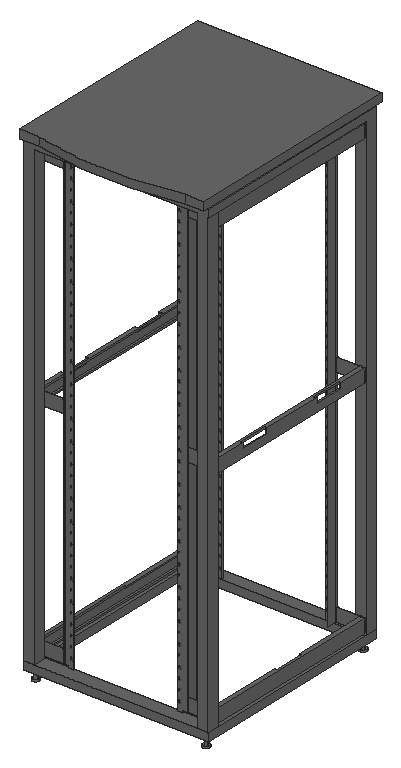
Revit family "V81A-45U-800x1000mm WITHOUT DOORS-03.04.14", category Electrical Equipment, Revit 2013
Parameters (values of type "V81A-45U")
  Weight = 0.00 lbf
  Visibility Door Right [instance] = and(Side Panel Right, not(Hide Doors))  # no
  Visibility Door Left [instance] = and(Side Panel Left, not(Hide Doors))  # no
  Visibility Door Front [instance] = and(Door Front, not(Hide Doors))  # no
  Visibility Door Back [instance] = and(Door Back, not(Hide Doors))  # no
  Version = ""
  Usable Depth = 806.00 mm
  U/M = "EA"
  U Space = "45"
  System = "VPOD"
  Side Panel Right = no
  Side Panel Left = no
  Serial Number = ""
  Segment = "CSS"
  Ports = 0
  Mounting rail 45 U = SIEMON STEEL
  Mounting Rail Material = SIEMON STEEL
  Model = "V81A"
  Metal = SIEMON STEEL
  Manufacturer = "SIEMON"
  Lock = ""
  Loaded/Empty = "N/A"
  Item Group = "RACKS"
  Item Class = "1F"
  Hide Doors [instance] = no
  Door Front = no
  Door Construction Side = if(and(Side Panel Right, Side Panel Left), 2, if(and(not(Side Panel Right), not(Side Panel Left)), 0, 1))  # 0
  Door Construction Front = ""
  Door Construction Back = ""
  Door Back = no
  Description = "WARNING: PLEASE RELOAD FAMILY USING THE TYPE CATALOG"
  Color = "BLACK"
  Cabinet Width Overall = 800.00 mm
  Cabinet Height = 2150.00 mm
  Cabinet Depth = 1000.00 mm
Reference planes
  plane 1 "Center (Front/Back)": y = 0
  plane 2: z = 0
  plane 3: z = 2011.4
  plane 4: z = 1966.95
  plane 5: z = 1922.5
  plane 6: z = 1878.05
  plane 7: z = 1833.6
  plane 8: z = 1789.15
  plane 9: z = 1744.7
  plane 10: z = 1700.25
  plane 11: z = 1655.8
  plane 12: z = 1611.35
  plane 13: z = 1566.9
  plane 14: z = 1522.45
  plane 15: z = 1478
  plane 16: z = 1433.55
  plane 17: z = 1389.1
  plane 18: z = 1344.65
  plane 19: z = 1300.2
  plane 20: z = 1255.75
  plane 21: z = 1211.3
  plane 22: z = 1166.85
  plane 23: z = 1122.4
  plane 24: z = 1077.95
  plane 25: z = 1033.5
  plane 26: z = 989.05
  plane 27: z = 944.6
  plane 28: z = 900.15
  plane 29: z = 855.7
  plane 30: z = 811.25
  plane 31: z = 766.8
  plane 32: z = 722.35
  plane 33: z = 677.9
  plane 34: z = 633.45
  plane 35: z = 589
  plane 36: z = 544.55
  plane 37: z = 500.1
  plane 38: z = 455.65
  plane 39: z = 411.2
  plane 40: z = 366.75
  plane 41: z = 322.3
  plane 42: z = 277.85
  plane 43: z = 233.4
  plane 44: z = 188.95
  plane 45: z = 144.5
  plane 46: z = 100.05
  plane 47: z = 2055.85
  plane 48: x = 0
Forms (mm)
  Extrusion 1, solid, material "SIEMON STEEL" <- "Mounting rail 45 U"
    sketch origin (-0.234, -15, 10) x (1, 0, 0) y (0, 1, 0)
      loop
        line (501.3, 985.014) -> (-298.7, 985.014) -> (-298.7, 75) -> (501.3, 75) -> (501.3, 985.014)
    from 2067.5 to 2098.45
  Extrusion 2, solid, material "SIEMON STEEL" <- "Mounting rail 45 U"
    sketch origin (-0.106, -90, 10) x (1, 0, 0) y (0, 1, 0)
      loop
        line (454.922, 202.733) -> (454.922, 150) -> (500.922, 150) -> (500.922, 202.733) -> (454.922, 202.733)
      loop
        line (-298.75, 202.733) -> (-298.75, 150) -> (-252.75, 150) -> (-252.75, 202.733) -> (-298.75, 202.733)
      loop
        line (501.172, 1007.872) -> (501.172, 1060) -> (455.163, 1060) -> (455.163, 1007.872) -> (501.172, 1007.872)
      loop
        line (-298.75, 1007.872) -> (-252.75, 1007.872) -> (-252.75, 1060) -> (-298.75, 1060) -> (-298.75, 1007.872)
    from 65.3 to 2067.5
  Extrusion 3, solid, material "SIEMON STEEL" <- "Mounting Rail Material"
    sketch origin (0.02, 0, 10) x (1, 0, 0) y (0, 1, 0)
      loop
        line (-298.72, 970.014) -> (-298.72, 60) -> (501.366, 60) -> (501.366, 970.014) -> (-298.72, 970.014)
      loop
        line (-265, 913.302) -> (-265, 116.7) -> (465, 116.7) -> (465, 913.302) -> (-265, 913.302)
    from 29.931 to 65.3
  Extrusion 4, solid, material "Cold rolled steel (CRS)"
    sketch origin (179.665, 547.951, 0) x (1, 0, 0) y (0, 1, 0)
      loop
        circle (289.695, 392.503) r 15
    from 0 to 5.027
  Extrusion 5, solid
    sketch origin (319.531, 0, -10) x (1, 0, 0) y (0, 1, 0)
      loop
        circle (149.594, 940.281) r 6
    from 15.027 to 49.931
  Extrusion 6, solid, material "Cold rolled steel (CRS)"
    sketch origin (759.046, 480.196, 0) x (-1, 0, 0) y (0, -1, 0)
      loop
        circle (289.695, 392.503) r 15
    from 0 to 5.027
  Extrusion 7, solid
    sketch origin (618.721, 1028.147, 2.069) x (-1, 0, 0) y (0, -1, 0)
      loop
        circle (149.594, 940.281) r 6
    from 2.958 to 37.861
  Extrusion 8, solid, material "SIEMON STEEL"
    sketch origin (0, -0.108, 10) x (1, 0, 0) y (0, 1, 0)
      loop
        line (-298.7, 37.656) -> (-214.7, 37.656)
        arc (-214.7, 37.656) -> (101.3, 0.156) -> (417.3, 37.656) r 1350.163
        line (417.3, 37.656) -> (501.3, 37.656) -> (501.3, 1000.156) -> (-298.7, 1000.156) -> (-298.7, 37.656)
    from 2102.5 to 2140
  Extrusion 9, solid
    sketch origin (-119.491, 0, -10) x (-1, 0, 0) y (0, -1, 0)
      loop
        circle (149.594, -940.281) r 6
    from 15.027 to 49.931
  Extrusion 10, solid, material "Cold rolled steel (CRS)"
    sketch origin (-559.007, 480.196, 0) x (1, 0, 0) y (0, 1, 0)
      loop
        circle (289.695, -392.503) r 15
    from 0 to 5.027
  Extrusion 11, solid
    sketch origin (-418.681, 1028.147, 2.069) x (1, 0, 0) y (0, 1, 0)
      loop
        circle (149.594, -940.281) r 6
    from 2.958 to 37.861
  Extrusion 12, solid, material "Cold rolled steel (CRS)"
    sketch origin (759.046, 480.196, 0) x (-1, 0, 0) y (0, -1, 0)
      loop
        circle (289.695, 392.503) r 15
    from 0 to 5.027
  Extrusion 13, solid, material "Cold rolled steel (CRS)"
    sketch origin (-559.085, 1332.951, 0) x (1, 0, 0) y (0, 1, 0)
      loop
        circle (289.695, -392.503) r 15
    from 0 to 5.027
Cuts and joins
  joined: Extrusion 1, Extrusion 2
Lines and regions (mm)
  symbolic lines, detail levels fine
    curve 1: line (256.65, 1060, 61.35) -> (256.65, 1060, 65.3)
  model lines, detail levels coarse+fine
    curve 2: circle (343.086, 958.058, 2151.25) r 3.361 normal (0, 0, 1)
    curve 3: circle (-139.74, 958.058, 2151.25) r 3.361 normal (0, 0, -1)
    curve 4: line (330.642, 917.949, 2151.25) -> (-126.77, 917.949, 2151.25)
    curve 5: line (334.645, 913.946, 2151.25) -> (330.642, 917.949, 2151.25)
    curve 6: circle (-51.247, 904.531, 2151.25) r 6.221 normal (0, 0, 1)
    curve 7: circle (274.43, 904.531, 2151.25) r 6.221 normal (0, 0, 1)
    curve 8: line (330.642, 752.672, 2151.25) -> (-126.77, 752.672, 2151.25)
    curve 9: line (-126.77, 752.672, 2151.25) -> (-130.773, 756.674, 2151.25)
    curve 10: line (-130.773, 756.674, 2151.25) -> (-130.773, 913.946, 2151.25)
    curve 11: line (334.645, 913.946, 2151.25) -> (334.645, 756.674, 2151.25)
    curve 12: line (334.645, 756.674, 2151.25) -> (330.642, 752.672, 2151.25)
    curve 13: circle (-51.247, 766.09, 2151.25) r 6.221 normal (0, 0, -1)
    curve 14: circle (274.43, 766.09, 2151.25) r 6.221 normal (0, 0, -1)
    curve 15: line (-130.773, 913.946, 2151.25) -> (-126.77, 917.949, 2151.25)
    curve 16: line (-187.208, 194.955, 2151.25) -> (-187.208, 483.08, 2151.25)
    curve 17: line (-255.64, 483.08, 2151.25) -> (-255.64, 194.955, 2151.25)
    curve 18: line (-252.64, 483.08, 2151.25) -> (-252.64, 194.955, 2151.25)
    curve 19: line (-190.208, 194.955, 2151.25) -> (-190.208, 483.08, 2151.25)
    curve 20: line (-187.208, 561.83, 2151.25) -> (-187.208, 849.955, 2151.25)
    curve 21: line (-255.64, 849.955, 2151.25) -> (-255.64, 561.83, 2151.25)
    curve 22: line (-252.64, 849.955, 2151.25) -> (-252.64, 561.83, 2151.25)
    curve 23: line (-190.208, 561.83, 2151.25) -> (-190.208, 849.955, 2151.25)
    curve 24: line (389.808, 194.955, 2151.25) -> (389.808, 483.08, 2151.25)
    curve 25: line (458.24, 483.08, 2151.25) -> (458.24, 194.955, 2151.25)
    curve 26: line (455.24, 483.08, 2151.25) -> (455.24, 194.955, 2151.25)
    curve 27: line (392.808, 194.955, 2151.25) -> (392.808, 483.08, 2151.25)
    curve 28: line (389.808, 561.83, 2151.25) -> (389.808, 849.955, 2151.25)
    curve 29: line (458.24, 849.955, 2151.25) -> (458.24, 561.83, 2151.25)
    curve 30: line (455.24, 849.955, 2151.25) -> (455.24, 561.83, 2151.25)
    curve 31: line (392.808, 561.83, 2151.25) -> (392.808, 849.955, 2151.25)
    curve 32: line (330.642, 727.637, 2151.25) -> (-126.77, 727.637, 2151.25)
    curve 33: line (334.645, 723.634, 2151.25) -> (330.642, 727.637, 2151.25)
    curve 34: circle (-51.247, 714.219, 2151.25) r 6.221 normal (0, 0, 1)
    curve 35: circle (274.43, 714.219, 2151.25) r 6.221 normal (0, 0, 1)
    curve 36: line (330.642, 562.359, 2151.25) -> (-126.77, 562.359, 2151.25)
    curve 37: line (-126.77, 562.359, 2151.25) -> (-130.773, 566.362, 2151.25)
    curve 38: line (-130.773, 566.362, 2151.25) -> (-130.773, 723.634, 2151.25)
    curve 39: line (334.645, 723.634, 2151.25) -> (334.645, 566.362, 2151.25)
    curve 40: line (334.645, 566.362, 2151.25) -> (330.642, 562.359, 2151.25)
    curve 41: circle (-51.247, 575.777, 2151.25) r 6.221 normal (0, 0, -1)
    curve 42: circle (274.43, 575.777, 2151.25) r 6.221 normal (0, 0, -1)
    curve 43: line (-130.773, 723.634, 2151.25) -> (-126.77, 727.637, 2151.25)
    curve 44: line (330.642, 281.699, 2151.25) -> (-126.77, 281.699, 2151.25)
    curve 45: line (334.645, 277.696, 2151.25) -> (330.642, 281.699, 2151.25)
    curve 46: circle (-51.247, 268.281, 2151.25) r 6.221 normal (0, 0, 1)
    curve 47: circle (274.43, 268.281, 2151.25) r 6.221 normal (0, 0, 1)
    curve 48: line (330.642, 116.422, 2151.25) -> (-126.77, 116.422, 2151.25)
    curve 49: line (-126.77, 116.422, 2151.25) -> (-130.773, 120.424, 2151.25)
    curve 50: line (-130.773, 120.424, 2151.25) -> (-130.773, 277.696, 2151.25)
    curve 51: line (334.645, 277.696, 2151.25) -> (334.645, 120.424, 2151.25)
    curve 52: line (334.645, 120.424, 2151.25) -> (330.642, 116.422, 2151.25)
    curve 53: circle (-51.247, 129.84, 2151.25) r 6.221 normal (0, 0, -1)
    curve 54: circle (274.43, 129.84, 2151.25) r 6.221 normal (0, 0, -1)
    curve 55: line (-130.773, 277.696, 2151.25) -> (-126.77, 281.699, 2151.25)
    curve 72: circle (424.43, 889.531, 2151.25) r 6.221 normal (0, 0, 1)
    curve 73: circle (-221.83, 889.531, 2151.25) r 6.221 normal (0, 0, -1)
    curve 74: circle (424.43, 522.031, 2151.25) r 6.221 normal (0, 0, 1)
    curve 75: circle (-224.33, 522.031, 2151.25) r 6.221 normal (0, 0, -1)
    curve 76: circle (343.086, 79.539, 2151.25) r 3.361 normal (0, 0, -1)
    curve 77: circle (-139.74, 79.539, 2151.25) r 3.361 normal (0, 0, 1)
    curve 78: circle (424.43, 148.066, 2151.25) r 6.221 normal (0, 0, -1)
    curve 79: circle (-221.83, 148.066, 2151.25) r 6.221 normal (0, 0, 1)
  model lines
    curve 56: arc (-255.64, 483.08, 2151.25) -> (-221.424, 509.507, 2151.25) -> (-187.208, 483.08, 2151.25) r 35.364
    curve 57: arc (-252.64, 483.08, 2151.25) -> (-221.424, 506.491, 2151.25) -> (-190.208, 483.08, 2151.25) r 32.517
    curve 58: arc (-255.64, 194.955, 2151.25) -> (-221.424, 168.528, 2151.25) -> (-187.208, 194.955, 2151.25) r 35.364
    curve 59: arc (-252.64, 194.955, 2151.25) -> (-221.424, 171.544, 2151.25) -> (-190.208, 194.955, 2151.25) r 32.517
    curve 60: arc (-255.64, 849.955, 2151.25) -> (-221.424, 876.382, 2151.25) -> (-187.208, 849.955, 2151.25) r 35.364
    curve 61: arc (-252.64, 849.955, 2151.25) -> (-221.424, 873.366, 2151.25) -> (-190.208, 849.955, 2151.25) r 32.517
    curve 62: arc (-255.64, 561.83, 2151.25) -> (-221.424, 535.403, 2151.25) -> (-187.208, 561.83, 2151.25) r 35.364
    curve 63: arc (-252.64, 561.83, 2151.25) -> (-221.424, 538.419, 2151.25) -> (-190.208, 561.83, 2151.25) r 32.517
    curve 64: arc (458.24, 483.08, 2151.25) -> (424.024, 509.507, 2151.25) -> (389.808, 483.08, 2151.25) r 35.364
    curve 65: arc (455.24, 483.08, 2151.25) -> (424.024, 506.491, 2151.25) -> (392.808, 483.08, 2151.25) r 32.517
    curve 66: arc (458.24, 194.955, 2151.25) -> (424.024, 168.528, 2151.25) -> (389.808, 194.955, 2151.25) r 35.364
    curve 67: arc (455.24, 194.955, 2151.25) -> (424.024, 171.544, 2151.25) -> (392.808, 194.955, 2151.25) r 32.517
    curve 68: arc (458.24, 849.955, 2151.25) -> (424.024, 876.382, 2151.25) -> (389.808, 849.955, 2151.25) r 35.364
    curve 69: arc (455.24, 849.955, 2151.25) -> (424.024, 873.366, 2151.25) -> (392.808, 849.955, 2151.25) r 32.517
    curve 70: arc (458.24, 561.83, 2151.25) -> (424.024, 535.403, 2151.25) -> (389.808, 561.83, 2151.25) r 35.364
    curve 71: arc (455.24, 561.83, 2151.25) -> (424.024, 538.419, 2151.25) -> (392.808, 561.83, 2151.25) r 32.517
    curve 80: line (471.49, 916.074, 2151.25) -> (471.49, 919.074, 2151.25)
    curve 81: line (471.49, 919.074, 2151.25) -> (475.49, 919.074, 2151.25)
    curve 82: line (475.49, 919.074, 2151.25) -> (475.49, 921.074, 2151.25)
    curve 83: line (475.49, 921.074, 2151.25) -> (481.49, 921.074, 2151.25)
    curve 84: line (485.49, 916.074, 2151.25) -> (485.49, 919.074, 2151.25)
    curve 85: line (485.49, 919.074, 2151.25) -> (481.49, 919.074, 2151.25)
    curve 86: line (481.49, 919.074, 2151.25) -> (481.49, 921.074, 2151.25)
    curve 87: line (471.49, 916.074, 2151.25) -> (475.49, 916.074, 2151.25)
    curve 88: line (475.49, 916.074, 2151.25) -> (475.49, 914.074, 2151.25)
    curve 89: line (475.49, 914.074, 2151.25) -> (481.49, 914.074, 2151.25)
    curve 90: line (485.49, 916.074, 2151.25) -> (481.49, 916.074, 2151.25)
    curve 91: line (481.49, 916.074, 2151.25) -> (481.49, 914.074, 2151.25)
    curve 92: line (471.49, 885.074, 2151.25) -> (471.49, 882.074, 2151.25)
    curve 93: line (471.49, 882.074, 2151.25) -> (475.49, 882.074, 2151.25)
    curve 94: line (475.49, 882.074, 2151.25) -> (475.49, 880.074, 2151.25)
    curve 95: line (475.49, 880.074, 2151.25) -> (481.49, 880.074, 2151.25)
    curve 96: line (485.49, 885.074, 2151.25) -> (485.49, 882.074, 2151.25)
    curve 97: line (485.49, 882.074, 2151.25) -> (481.49, 882.074, 2151.25)
    curve 98: line (481.49, 882.074, 2151.25) -> (481.49, 880.074, 2151.25)
    curve 99: line (471.49, 885.074, 2151.25) -> (475.49, 885.074, 2151.25)
    curve 100: line (475.49, 885.074, 2151.25) -> (475.49, 887.074, 2151.25)
    curve 101: line (475.49, 887.074, 2151.25) -> (481.49, 887.074, 2151.25)
    curve 102: line (485.49, 885.074, 2151.25) -> (481.49, 885.074, 2151.25)
    curve 103: line (481.49, 885.074, 2151.25) -> (481.49, 887.074, 2151.25)
    curve 104: line (471.49, 848.074, 2151.25) -> (471.49, 851.074, 2151.25)
    curve 105: line (471.49, 851.074, 2151.25) -> (475.49, 851.074, 2151.25)
    curve 106: line (475.49, 851.074, 2151.25) -> (475.49, 853.074, 2151.25)
    curve 107: line (475.49, 853.074, 2151.25) -> (481.49, 853.074, 2151.25)
    curve 108: line (485.49, 848.074, 2151.25) -> (485.49, 851.074, 2151.25)
    curve 109: line (485.49, 851.074, 2151.25) -> (481.49, 851.074, 2151.25)
    curve 110: line (481.49, 851.074, 2151.25) -> (481.49, 853.074, 2151.25)
    curve 111: line (471.49, 848.074, 2151.25) -> (475.49, 848.074, 2151.25)
    curve 112: line (475.49, 848.074, 2151.25) -> (475.49, 846.074, 2151.25)
    curve 113: line (475.49, 846.074, 2151.25) -> (481.49, 846.074, 2151.25)
    curve 114: line (485.49, 848.074, 2151.25) -> (481.49, 848.074, 2151.25)
    curve 115: line (481.49, 848.074, 2151.25) -> (481.49, 846.074, 2151.25)
    curve 116: line (471.49, 780.074, 2151.25) -> (471.49, 783.074, 2151.25)
    curve 117: line (471.49, 783.074, 2151.25) -> (475.49, 783.074, 2151.25)
    curve 118: line (475.49, 783.074, 2151.25) -> (475.49, 785.074, 2151.25)
    curve 119: line (475.49, 785.074, 2151.25) -> (481.49, 785.074, 2151.25)
    curve 120: line (485.49, 780.074, 2151.25) -> (485.49, 783.074, 2151.25)
    curve 121: line (485.49, 783.074, 2151.25) -> (481.49, 783.074, 2151.25)
    curve 122: line (481.49, 783.074, 2151.25) -> (481.49, 785.074, 2151.25)
    curve 123: line (471.49, 780.074, 2151.25) -> (475.49, 780.074, 2151.25)
    curve 124: line (475.49, 780.074, 2151.25) -> (475.49, 778.074, 2151.25)
    curve 125: line (475.49, 778.074, 2151.25) -> (481.49, 778.074, 2151.25)
    curve 126: line (485.49, 780.074, 2151.25) -> (481.49, 780.074, 2151.25)
    curve 127: line (481.49, 780.074, 2151.25) -> (481.49, 778.074, 2151.25)
    curve 128: line (471.49, 817.074, 2151.25) -> (471.49, 814.074, 2151.25)
    curve 129: line (471.49, 814.074, 2151.25) -> (475.49, 814.074, 2151.25)
    curve 130: line (475.49, 814.074, 2151.25) -> (475.49, 812.074, 2151.25)
    curve 131: line (475.49, 812.074, 2151.25) -> (481.49, 812.074, 2151.25)
    curve 132: line (485.49, 817.074, 2151.25) -> (485.49, 814.074, 2151.25)
    curve 133: line (485.49, 814.074, 2151.25) -> (481.49, 814.074, 2151.25)
    curve 134: line (481.49, 814.074, 2151.25) -> (481.49, 812.074, 2151.25)
    curve 135: line (471.49, 817.074, 2151.25) -> (475.49, 817.074, 2151.25)
    curve 136: line (475.49, 817.074, 2151.25) -> (475.49, 819.074, 2151.25)
    curve 137: line (475.49, 819.074, 2151.25) -> (481.49, 819.074, 2151.25)
    curve 138: line (485.49, 817.074, 2151.25) -> (481.49, 817.074, 2151.25)
    curve 139: line (481.49, 817.074, 2151.25) -> (481.49, 819.074, 2151.25)
    curve 140: line (471.49, 681.074, 2151.25) -> (471.49, 678.074, 2151.25)
    curve 141: line (471.49, 678.074, 2151.25) -> (475.49, 678.074, 2151.25)
    curve 142: line (475.49, 678.074, 2151.25) -> (475.49, 676.074, 2151.25)
    curve 143: line (475.49, 676.074, 2151.25) -> (481.49, 676.074, 2151.25)
    curve 144: line (485.49, 681.074, 2151.25) -> (485.49, 678.074, 2151.25)
    curve 145: line (485.49, 678.074, 2151.25) -> (481.49, 678.074, 2151.25)
    curve 146: line (481.49, 678.074, 2151.25) -> (481.49, 676.074, 2151.25)
    curve 147: line (471.49, 681.074, 2151.25) -> (475.49, 681.074, 2151.25)
    curve 148: line (475.49, 681.074, 2151.25) -> (475.49, 683.074, 2151.25)
    curve 149: line (475.49, 683.074, 2151.25) -> (481.49, 683.074, 2151.25)
    curve 150: line (485.49, 681.074, 2151.25) -> (481.49, 681.074, 2151.25)
    curve 151: line (481.49, 681.074, 2151.25) -> (481.49, 683.074, 2151.25)
    curve 152: line (471.49, 749.074, 2151.25) -> (471.49, 746.074, 2151.25)
    curve 153: line (471.49, 746.074, 2151.25) -> (475.49, 746.074, 2151.25)
    curve 154: line (475.49, 746.074, 2151.25) -> (475.49, 744.074, 2151.25)
    curve 155: line (475.49, 744.074, 2151.25) -> (481.49, 744.074, 2151.25)
    curve 156: line (485.49, 749.074, 2151.25) -> (485.49, 746.074, 2151.25)
    curve 157: line (485.49, 746.074, 2151.25) -> (481.49, 746.074, 2151.25)
    curve 158: line (481.49, 746.074, 2151.25) -> (481.49, 744.074, 2151.25)
    curve 159: line (471.49, 749.074, 2151.25) -> (475.49, 749.074, 2151.25)
    curve 160: line (475.49, 749.074, 2151.25) -> (475.49, 751.074, 2151.25)
    curve 161: line (475.49, 751.074, 2151.25) -> (481.49, 751.074, 2151.25)
    curve 162: line (485.49, 749.074, 2151.25) -> (481.49, 749.074, 2151.25)
    curve 163: line (481.49, 749.074, 2151.25) -> (481.49, 751.074, 2151.25)
    curve 164: line (471.49, 712.074, 2151.25) -> (471.49, 715.074, 2151.25)
    curve 165: line (471.49, 715.074, 2151.25) -> (475.49, 715.074, 2151.25)
    curve 166: line (475.49, 715.074, 2151.25) -> (475.49, 717.074, 2151.25)
    curve 167: line (475.49, 717.074, 2151.25) -> (481.49, 717.074, 2151.25)
    curve 168: line (485.49, 712.074, 2151.25) -> (485.49, 715.074, 2151.25)
    curve 169: line (485.49, 715.074, 2151.25) -> (481.49, 715.074, 2151.25)
    curve 170: line (481.49, 715.074, 2151.25) -> (481.49, 717.074, 2151.25)
    curve 171: line (471.49, 712.074, 2151.25) -> (475.49, 712.074, 2151.25)
    curve 172: line (475.49, 712.074, 2151.25) -> (475.49, 710.074, 2151.25)
    curve 173: line (475.49, 710.074, 2151.25) -> (481.49, 710.074, 2151.25)
    curve 174: line (485.49, 712.074, 2151.25) -> (481.49, 712.074, 2151.25)
    curve 175: line (481.49, 712.074, 2151.25) -> (481.49, 710.074, 2151.25)
    curve 176: line (471.49, 440.074, 2151.25) -> (471.49, 443.074, 2151.25)
    curve 177: line (471.49, 443.074, 2151.25) -> (475.49, 443.074, 2151.25)
    curve 178: line (475.49, 443.074, 2151.25) -> (475.49, 445.074, 2151.25)
    curve 179: line (475.49, 445.074, 2151.25) -> (481.49, 445.074, 2151.25)
    curve 180: line (485.49, 440.074, 2151.25) -> (485.49, 443.074, 2151.25)
    curve 181: line (485.49, 443.074, 2151.25) -> (481.49, 443.074, 2151.25)
    curve 182: line (481.49, 443.074, 2151.25) -> (481.49, 445.074, 2151.25)
    curve 183: line (471.49, 440.074, 2151.25) -> (475.49, 440.074, 2151.25)
    curve 184: line (475.49, 440.074, 2151.25) -> (475.49, 438.074, 2151.25)
    curve 185: line (475.49, 438.074, 2151.25) -> (481.49, 438.074, 2151.25)
    curve 186: line (485.49, 440.074, 2151.25) -> (481.49, 440.074, 2151.25)
    curve 187: line (481.49, 440.074, 2151.25) -> (481.49, 438.074, 2151.25)
    curve 188: line (471.49, 477.074, 2151.25) -> (471.49, 474.074, 2151.25)
    curve 189: line (471.49, 474.074, 2151.25) -> (475.49, 474.074, 2151.25)
    curve 190: line (475.49, 474.074, 2151.25) -> (475.49, 472.074, 2151.25)
    curve 191: line (475.49, 472.074, 2151.25) -> (481.49, 472.074, 2151.25)
    curve 192: line (485.49, 477.074, 2151.25) -> (485.49, 474.074, 2151.25)
    curve 193: line (485.49, 474.074, 2151.25) -> (481.49, 474.074, 2151.25)
    curve 194: line (481.49, 474.074, 2151.25) -> (481.49, 472.074, 2151.25)
    curve 195: line (471.49, 477.074, 2151.25) -> (475.49, 477.074, 2151.25)
    curve 196: line (475.49, 477.074, 2151.25) -> (475.49, 479.074, 2151.25)
    curve 197: line (475.49, 479.074, 2151.25) -> (481.49, 479.074, 2151.25)
    curve 198: line (485.49, 477.074, 2151.25) -> (481.49, 477.074, 2151.25)
    curve 199: line (481.49, 477.074, 2151.25) -> (481.49, 479.074, 2151.25)
    curve 200: line (471.49, 545.074, 2151.25) -> (471.49, 542.074, 2151.25)
    curve 201: line (471.49, 542.074, 2151.25) -> (475.49, 542.074, 2151.25)
    curve 202: line (475.49, 542.074, 2151.25) -> (475.49, 540.074, 2151.25)
    curve 203: line (475.49, 540.074, 2151.25) -> (481.49, 540.074, 2151.25)
    curve 204: line (485.49, 545.074, 2151.25) -> (485.49, 542.074, 2151.25)
    curve 205: line (485.49, 542.074, 2151.25) -> (481.49, 542.074, 2151.25)
    curve 206: line (481.49, 542.074, 2151.25) -> (481.49, 540.074, 2151.25)
    curve 207: line (471.49, 545.074, 2151.25) -> (475.49, 545.074, 2151.25)
    curve 208: line (475.49, 545.074, 2151.25) -> (475.49, 547.074, 2151.25)
    curve 209: line (475.49, 547.074, 2151.25) -> (481.49, 547.074, 2151.25)
    curve 210: line (485.49, 545.074, 2151.25) -> (481.49, 545.074, 2151.25)
    curve 211: line (481.49, 545.074, 2151.25) -> (481.49, 547.074, 2151.25)
    curve 212: line (471.49, 508.074, 2151.25) -> (471.49, 511.074, 2151.25)
    curve 213: line (471.49, 511.074, 2151.25) -> (475.49, 511.074, 2151.25)
    curve 214: line (475.49, 511.074, 2151.25) -> (475.49, 513.074, 2151.25)
    curve 215: line (475.49, 513.074, 2151.25) -> (481.49, 513.074, 2151.25)
    curve 216: line (485.49, 508.074, 2151.25) -> (485.49, 511.074, 2151.25)
    curve 217: line (485.49, 511.074, 2151.25) -> (481.49, 511.074, 2151.25)
    curve 218: line (481.49, 511.074, 2151.25) -> (481.49, 513.074, 2151.25)
    curve 219: line (471.49, 508.074, 2151.25) -> (475.49, 508.074, 2151.25)
    curve 220: line (475.49, 508.074, 2151.25) -> (475.49, 506.074, 2151.25)
    curve 221: line (475.49, 506.074, 2151.25) -> (481.49, 506.074, 2151.25)
    curve 222: line (485.49, 508.074, 2151.25) -> (481.49, 508.074, 2151.25)
    curve 223: line (481.49, 508.074, 2151.25) -> (481.49, 506.074, 2151.25)
    curve 224: line (471.49, 644.074, 2151.25) -> (471.49, 647.074, 2151.25)
    curve 225: line (471.49, 647.074, 2151.25) -> (475.49, 647.074, 2151.25)
    curve 226: line (475.49, 647.074, 2151.25) -> (475.49, 649.074, 2151.25)
    curve 227: line (475.49, 649.074, 2151.25) -> (481.49, 649.074, 2151.25)
    curve 228: line (485.49, 644.074, 2151.25) -> (485.49, 647.074, 2151.25)
    curve 229: line (485.49, 647.074, 2151.25) -> (481.49, 647.074, 2151.25)
    curve 230: line (481.49, 647.074, 2151.25) -> (481.49, 649.074, 2151.25)
    curve 231: line (471.49, 644.074, 2151.25) -> (475.49, 644.074, 2151.25)
    curve 232: line (475.49, 644.074, 2151.25) -> (475.49, 642.074, 2151.25)
    curve 233: line (475.49, 642.074, 2151.25) -> (481.49, 642.074, 2151.25)
    curve 234: line (485.49, 644.074, 2151.25) -> (481.49, 644.074, 2151.25)
    curve 235: line (481.49, 644.074, 2151.25) -> (481.49, 642.074, 2151.25)
    curve 236: line (471.49, 576.074, 2151.25) -> (471.49, 579.074, 2151.25)
    curve 237: line (471.49, 579.074, 2151.25) -> (475.49, 579.074, 2151.25)
    curve 238: line (475.49, 579.074, 2151.25) -> (475.49, 581.074, 2151.25)
    curve 239: line (475.49, 581.074, 2151.25) -> (481.49, 581.074, 2151.25)
    curve 240: line (485.49, 576.074, 2151.25) -> (485.49, 579.074, 2151.25)
    curve 241: line (485.49, 579.074, 2151.25) -> (481.49, 579.074, 2151.25)
    curve 242: line (481.49, 579.074, 2151.25) -> (481.49, 581.074, 2151.25)
    curve 243: line (471.49, 576.074, 2151.25) -> (475.49, 576.074, 2151.25)
    curve 244: line (475.49, 576.074, 2151.25) -> (475.49, 574.074, 2151.25)
    curve 245: line (475.49, 574.074, 2151.25) -> (481.49, 574.074, 2151.25)
    curve 246: line (485.49, 576.074, 2151.25) -> (481.49, 576.074, 2151.25)
    curve 247: line (481.49, 576.074, 2151.25) -> (481.49, 574.074, 2151.25)
    curve 248: line (471.49, 613.074, 2151.25) -> (471.49, 610.074, 2151.25)
    curve 249: line (471.49, 610.074, 2151.25) -> (475.49, 610.074, 2151.25)
    curve 250: line (475.49, 610.074, 2151.25) -> (475.49, 608.074, 2151.25)
    curve 251: line (475.49, 608.074, 2151.25) -> (481.49, 608.074, 2151.25)
    curve 252: line (485.49, 613.074, 2151.25) -> (485.49, 610.074, 2151.25)
    curve 253: line (485.49, 610.074, 2151.25) -> (481.49, 610.074, 2151.25)
    curve 254: line (481.49, 610.074, 2151.25) -> (481.49, 608.074, 2151.25)
    curve 255: line (471.49, 613.074, 2151.25) -> (475.49, 613.074, 2151.25)
    curve 256: line (475.49, 613.074, 2151.25) -> (475.49, 615.074, 2151.25)
    curve 257: line (475.49, 615.074, 2151.25) -> (481.49, 615.074, 2151.25)
    curve 258: line (485.49, 613.074, 2151.25) -> (481.49, 613.074, 2151.25)
    curve 259: line (481.49, 613.074, 2151.25) -> (481.49, 615.074, 2151.25)
    curve 260: line (471.49, 168.074, 2151.25) -> (471.49, 171.074, 2151.25)
    curve 261: line (471.49, 171.074, 2151.25) -> (475.49, 171.074, 2151.25)
    curve 262: line (475.49, 171.074, 2151.25) -> (475.49, 173.074, 2151.25)
    curve 263: line (475.49, 173.074, 2151.25) -> (481.49, 173.074, 2151.25)
    curve 264: line (485.49, 168.074, 2151.25) -> (485.49, 171.074, 2151.25)
    curve 265: line (485.49, 171.074, 2151.25) -> (481.49, 171.074, 2151.25)
    curve 266: line (481.49, 171.074, 2151.25) -> (481.49, 173.074, 2151.25)
    curve 267: line (471.49, 168.074, 2151.25) -> (475.49, 168.074, 2151.25)
    curve 268: line (475.49, 168.074, 2151.25) -> (475.49, 166.074, 2151.25)
    curve 269: line (475.49, 166.074, 2151.25) -> (481.49, 166.074, 2151.25)
    curve 270: line (485.49, 168.074, 2151.25) -> (481.49, 168.074, 2151.25)
    curve 271: line (481.49, 168.074, 2151.25) -> (481.49, 166.074, 2151.25)
    curve 272: line (471.49, 100.074, 2151.25) -> (471.49, 103.074, 2151.25)
    curve 273: line (471.49, 103.074, 2151.25) -> (475.49, 103.074, 2151.25)
    curve 274: line (475.49, 103.074, 2151.25) -> (475.49, 105.074, 2151.25)
    curve 275: line (475.49, 105.074, 2151.25) -> (481.49, 105.074, 2151.25)
    curve 276: line (485.49, 100.074, 2151.25) -> (485.49, 103.074, 2151.25)
    curve 277: line (485.49, 103.074, 2151.25) -> (481.49, 103.074, 2151.25)
    curve 278: line (481.49, 103.074, 2151.25) -> (481.49, 105.074, 2151.25)
    curve 279: line (471.49, 100.074, 2151.25) -> (475.49, 100.074, 2151.25)
    curve 280: line (475.49, 100.074, 2151.25) -> (475.49, 98.074, 2151.25)
    curve 281: line (475.49, 98.074, 2151.25) -> (481.49, 98.074, 2151.25)
    curve 282: line (485.49, 100.074, 2151.25) -> (481.49, 100.074, 2151.25)
    curve 283: line (481.49, 100.074, 2151.25) -> (481.49, 98.074, 2151.25)
    curve 284: line (471.49, 137.074, 2151.25) -> (471.49, 134.074, 2151.25)
    curve 285: line (471.49, 134.074, 2151.25) -> (475.49, 134.074, 2151.25)
    curve 286: line (475.49, 134.074, 2151.25) -> (475.49, 132.074, 2151.25)
    curve 287: line (475.49, 132.074, 2151.25) -> (481.49, 132.074, 2151.25)
    curve 288: line (485.49, 137.074, 2151.25) -> (485.49, 134.074, 2151.25)
    curve 289: line (485.49, 134.074, 2151.25) -> (481.49, 134.074, 2151.25)
    curve 290: line (481.49, 134.074, 2151.25) -> (481.49, 132.074, 2151.25)
    curve 291: line (471.49, 137.074, 2151.25) -> (475.49, 137.074, 2151.25)
    curve 292: line (475.49, 137.074, 2151.25) -> (475.49, 139.074, 2151.25)
    curve 293: line (475.49, 139.074, 2151.25) -> (481.49, 139.074, 2151.25)
    curve 294: line (485.49, 137.074, 2151.25) -> (481.49, 137.074, 2151.25)
    curve 295: line (481.49, 137.074, 2151.25) -> (481.49, 139.074, 2151.25)
    curve 296: line (471.49, 409.074, 2151.25) -> (471.49, 406.074, 2151.25)
    curve 297: line (471.49, 406.074, 2151.25) -> (475.49, 406.074, 2151.25)
    curve 298: line (475.49, 406.074, 2151.25) -> (475.49, 404.074, 2151.25)
    curve 299: line (475.49, 404.074, 2151.25) -> (481.49, 404.074, 2151.25)
    curve 300: line (485.49, 409.074, 2151.25) -> (485.49, 406.074, 2151.25)
    curve 301: line (485.49, 406.074, 2151.25) -> (481.49, 406.074, 2151.25)
    curve 302: line (481.49, 406.074, 2151.25) -> (481.49, 404.074, 2151.25)
    curve 303: line (471.49, 409.074, 2151.25) -> (475.49, 409.074, 2151.25)
    curve 304: line (475.49, 409.074, 2151.25) -> (475.49, 411.074, 2151.25)
    curve 305: line (475.49, 411.074, 2151.25) -> (481.49, 411.074, 2151.25)
    curve 306: line (485.49, 409.074, 2151.25) -> (481.49, 409.074, 2151.25)
    curve 307: line (481.49, 409.074, 2151.25) -> (481.49, 411.074, 2151.25)
    curve 308: line (471.49, 372.074, 2151.25) -> (471.49, 375.074, 2151.25)
    curve 309: line (471.49, 375.074, 2151.25) -> (475.49, 375.074, 2151.25)
    curve 310: line (475.49, 375.074, 2151.25) -> (475.49, 377.074, 2151.25)
    curve 311: line (475.49, 377.074, 2151.25) -> (481.49, 377.074, 2151.25)
    curve 312: line (485.49, 372.074, 2151.25) -> (485.49, 375.074, 2151.25)
    curve 313: line (485.49, 375.074, 2151.25) -> (481.49, 375.074, 2151.25)
    curve 314: line (481.49, 375.074, 2151.25) -> (481.49, 377.074, 2151.25)
    curve 315: line (471.49, 372.074, 2151.25) -> (475.49, 372.074, 2151.25)
    curve 316: line (475.49, 372.074, 2151.25) -> (475.49, 370.074, 2151.25)
    curve 317: line (475.49, 370.074, 2151.25) -> (481.49, 370.074, 2151.25)
    curve 318: line (485.49, 372.074, 2151.25) -> (481.49, 372.074, 2151.25)
    curve 319: line (481.49, 372.074, 2151.25) -> (481.49, 370.074, 2151.25)
    curve 320: line (471.49, 304.074, 2151.25) -> (471.49, 307.074, 2151.25)
    curve 321: line (471.49, 307.074, 2151.25) -> (475.49, 307.074, 2151.25)
    curve 322: line (475.49, 307.074, 2151.25) -> (475.49, 309.074, 2151.25)
    curve 323: line (475.49, 309.074, 2151.25) -> (481.49, 309.074, 2151.25)
    curve 324: line (485.49, 304.074, 2151.25) -> (485.49, 307.074, 2151.25)
    curve 325: line (485.49, 307.074, 2151.25) -> (481.49, 307.074, 2151.25)
    curve 326: line (481.49, 307.074, 2151.25) -> (481.49, 309.074, 2151.25)
    curve 327: line (471.49, 304.074, 2151.25) -> (475.49, 304.074, 2151.25)
    curve 328: line (475.49, 304.074, 2151.25) -> (475.49, 302.074, 2151.25)
    curve 329: line (475.49, 302.074, 2151.25) -> (481.49, 302.074, 2151.25)
    curve 330: line (485.49, 304.074, 2151.25) -> (481.49, 304.074, 2151.25)
    curve 331: line (481.49, 304.074, 2151.25) -> (481.49, 302.074, 2151.25)
    curve 332: line (471.49, 341.074, 2151.25) -> (471.49, 338.074, 2151.25)
    curve 333: line (471.49, 338.074, 2151.25) -> (475.49, 338.074, 2151.25)
    curve 334: line (475.49, 338.074, 2151.25) -> (475.49, 336.074, 2151.25)
    curve 335: line (475.49, 336.074, 2151.25) -> (481.49, 336.074, 2151.25)
    curve 336: line (485.49, 341.074, 2151.25) -> (485.49, 338.074, 2151.25)
    curve 337: line (485.49, 338.074, 2151.25) -> (481.49, 338.074, 2151.25)
    curve 338: line (481.49, 338.074, 2151.25) -> (481.49, 336.074, 2151.25)
    curve 339: line (471.49, 341.074, 2151.25) -> (475.49, 341.074, 2151.25)
    curve 340: line (475.49, 341.074, 2151.25) -> (475.49, 343.074, 2151.25)
    curve 341: line (475.49, 343.074, 2151.25) -> (481.49, 343.074, 2151.25)
    curve 342: line (485.49, 341.074, 2151.25) -> (481.49, 341.074, 2151.25)
    curve 343: line (481.49, 341.074, 2151.25) -> (481.49, 343.074, 2151.25)
    curve 344: line (471.49, 205.074, 2151.25) -> (471.49, 202.074, 2151.25)
    curve 345: line (471.49, 202.074, 2151.25) -> (475.49, 202.074, 2151.25)
    curve 346: line (475.49, 202.074, 2151.25) -> (475.49, 200.074, 2151.25)
    curve 347: line (475.49, 200.074, 2151.25) -> (481.49, 200.074, 2151.25)
    curve 348: line (485.49, 205.074, 2151.25) -> (485.49, 202.074, 2151.25)
    curve 349: line (485.49, 202.074, 2151.25) -> (481.49, 202.074, 2151.25)
    curve 350: line (481.49, 202.074, 2151.25) -> (481.49, 200.074, 2151.25)
    curve 351: line (471.49, 205.074, 2151.25) -> (475.49, 205.074, 2151.25)
    curve 352: line (475.49, 205.074, 2151.25) -> (475.49, 207.074, 2151.25)
    curve 353: line (475.49, 207.074, 2151.25) -> (481.49, 207.074, 2151.25)
    curve 354: line (485.49, 205.074, 2151.25) -> (481.49, 205.074, 2151.25)
    curve 355: line (481.49, 205.074, 2151.25) -> (481.49, 207.074, 2151.25)
    curve 356: line (471.49, 273.074, 2151.25) -> (471.49, 270.074, 2151.25)
    curve 357: line (471.49, 270.074, 2151.25) -> (475.49, 270.074, 2151.25)
    curve 358: line (475.49, 270.074, 2151.25) -> (475.49, 268.074, 2151.25)
    curve 359: line (475.49, 268.074, 2151.25) -> (481.49, 268.074, 2151.25)
    curve 360: line (485.49, 273.074, 2151.25) -> (485.49, 270.074, 2151.25)
    curve 361: line (485.49, 270.074, 2151.25) -> (481.49, 270.074, 2151.25)
    curve 362: line (481.49, 270.074, 2151.25) -> (481.49, 268.074, 2151.25)
    curve 363: line (471.49, 273.074, 2151.25) -> (475.49, 273.074, 2151.25)
    curve 364: line (475.49, 273.074, 2151.25) -> (475.49, 275.074, 2151.25)
    curve 365: line (475.49, 275.074, 2151.25) -> (481.49, 275.074, 2151.25)
    curve 366: line (485.49, 273.074, 2151.25) -> (481.49, 273.074, 2151.25)
    curve 367: line (481.49, 273.074, 2151.25) -> (481.49, 275.074, 2151.25)
    curve 368: line (471.49, 236.074, 2151.25) -> (471.49, 239.074, 2151.25)
    curve 369: line (471.49, 239.074, 2151.25) -> (475.49, 239.074, 2151.25)
    curve 370: line (475.49, 239.074, 2151.25) -> (475.49, 241.074, 2151.25)
    curve 371: line (475.49, 241.074, 2151.25) -> (481.49, 241.074, 2151.25)
    curve 372: line (485.49, 236.074, 2151.25) -> (485.49, 239.074, 2151.25)
    curve 373: line (485.49, 239.074, 2151.25) -> (481.49, 239.074, 2151.25)
    curve 374: line (481.49, 239.074, 2151.25) -> (481.49, 241.074, 2151.25)
    curve 375: line (471.49, 236.074, 2151.25) -> (475.49, 236.074, 2151.25)
    curve 376: line (475.49, 236.074, 2151.25) -> (475.49, 234.074, 2151.25)
    curve 377: line (475.49, 234.074, 2151.25) -> (481.49, 234.074, 2151.25)
    curve 378: line (485.49, 236.074, 2151.25) -> (481.49, 236.074, 2151.25)
    curve 379: line (481.49, 236.074, 2151.25) -> (481.49, 234.074, 2151.25)
    curve 380: line (-268.89, 916.074, 2151.25) -> (-268.89, 919.074, 2151.25)
    curve 381: line (-268.89, 919.074, 2151.25) -> (-272.89, 919.074, 2151.25)
    curve 382: line (-272.89, 919.074, 2151.25) -> (-272.89, 921.074, 2151.25)
    curve 383: line (-272.89, 921.074, 2151.25) -> (-278.89, 921.074, 2151.25)
    curve 384: line (-282.89, 916.074, 2151.25) -> (-282.89, 919.074, 2151.25)
    curve 385: line (-282.89, 919.074, 2151.25) -> (-278.89, 919.074, 2151.25)
    curve 386: line (-278.89, 919.074, 2151.25) -> (-278.89, 921.074, 2151.25)
    curve 387: line (-268.89, 916.074, 2151.25) -> (-272.89, 916.074, 2151.25)
    curve 388: line (-272.89, 916.074, 2151.25) -> (-272.89, 914.074, 2151.25)
    curve 389: line (-272.89, 914.074, 2151.25) -> (-278.89, 914.074, 2151.25)
    curve 390: line (-282.89, 916.074, 2151.25) -> (-278.89, 916.074, 2151.25)
    curve 391: line (-278.89, 916.074, 2151.25) -> (-278.89, 914.074, 2151.25)
    curve 392: line (-268.89, 885.074, 2151.25) -> (-268.89, 882.074, 2151.25)
    curve 393: line (-268.89, 882.074, 2151.25) -> (-272.89, 882.074, 2151.25)
    curve 394: line (-272.89, 882.074, 2151.25) -> (-272.89, 880.074, 2151.25)
    curve 395: line (-272.89, 880.074, 2151.25) -> (-278.89, 880.074, 2151.25)
    curve 396: line (-282.89, 885.074, 2151.25) -> (-282.89, 882.074, 2151.25)
    curve 397: line (-282.89, 882.074, 2151.25) -> (-278.89, 882.074, 2151.25)
    curve 398: line (-278.89, 882.074, 2151.25) -> (-278.89, 880.074, 2151.25)
    curve 399: line (-268.89, 885.074, 2151.25) -> (-272.89, 885.074, 2151.25)
    curve 400: line (-272.89, 885.074, 2151.25) -> (-272.89, 887.074, 2151.25)
    curve 401: line (-272.89, 887.074, 2151.25) -> (-278.89, 887.074, 2151.25)
    curve 402: line (-282.89, 885.074, 2151.25) -> (-278.89, 885.074, 2151.25)
    curve 403: line (-278.89, 885.074, 2151.25) -> (-278.89, 887.074, 2151.25)
    curve 404: line (-268.89, 848.074, 2151.25) -> (-268.89, 851.074, 2151.25)
    curve 405: line (-268.89, 851.074, 2151.25) -> (-272.89, 851.074, 2151.25)
    curve 406: line (-272.89, 851.074, 2151.25) -> (-272.89, 853.074, 2151.25)
    curve 407: line (-272.89, 853.074, 2151.25) -> (-278.89, 853.074, 2151.25)
    curve 408: line (-282.89, 848.074, 2151.25) -> (-282.89, 851.074, 2151.25)
    curve 409: line (-282.89, 851.074, 2151.25) -> (-278.89, 851.074, 2151.25)
    curve 410: line (-278.89, 851.074, 2151.25) -> (-278.89, 853.074, 2151.25)
    curve 411: line (-268.89, 848.074, 2151.25) -> (-272.89, 848.074, 2151.25)
    curve 412: line (-272.89, 848.074, 2151.25) -> (-272.89, 846.074, 2151.25)
    curve 413: line (-272.89, 846.074, 2151.25) -> (-278.89, 846.074, 2151.25)
    curve 414: line (-282.89, 848.074, 2151.25) -> (-278.89, 848.074, 2151.25)
    curve 415: line (-278.89, 848.074, 2151.25) -> (-278.89, 846.074, 2151.25)
    curve 416: line (-268.89, 780.074, 2151.25) -> (-268.89, 783.074, 2151.25)
    curve 417: line (-268.89, 783.074, 2151.25) -> (-272.89, 783.074, 2151.25)
    curve 418: line (-272.89, 783.074, 2151.25) -> (-272.89, 785.074, 2151.25)
    curve 419: line (-272.89, 785.074, 2151.25) -> (-278.89, 785.074, 2151.25)
    curve 420: line (-282.89, 780.074, 2151.25) -> (-282.89, 783.074, 2151.25)
    curve 421: line (-282.89, 783.074, 2151.25) -> (-278.89, 783.074, 2151.25)
    curve 422: line (-278.89, 783.074, 2151.25) -> (-278.89, 785.074, 2151.25)
    curve 423: line (-268.89, 780.074, 2151.25) -> (-272.89, 780.074, 2151.25)
    curve 424: line (-272.89, 780.074, 2151.25) -> (-272.89, 778.074, 2151.25)
    curve 425: line (-272.89, 778.074, 2151.25) -> (-278.89, 778.074, 2151.25)
    curve 426: line (-282.89, 780.074, 2151.25) -> (-278.89, 780.074, 2151.25)
    curve 427: line (-278.89, 780.074, 2151.25) -> (-278.89, 778.074, 2151.25)
    curve 428: line (-268.89, 817.074, 2151.25) -> (-268.89, 814.074, 2151.25)
    curve 429: line (-268.89, 814.074, 2151.25) -> (-272.89, 814.074, 2151.25)
    curve 430: line (-272.89, 814.074, 2151.25) -> (-272.89, 812.074, 2151.25)
    curve 431: line (-272.89, 812.074, 2151.25) -> (-278.89, 812.074, 2151.25)
    curve 432: line (-282.89, 817.074, 2151.25) -> (-282.89, 814.074, 2151.25)
    curve 433: line (-282.89, 814.074, 2151.25) -> (-278.89, 814.074, 2151.25)
    curve 434: line (-278.89, 814.074, 2151.25) -> (-278.89, 812.074, 2151.25)
    curve 435: line (-268.89, 817.074, 2151.25) -> (-272.89, 817.074, 2151.25)
    curve 436: line (-272.89, 817.074, 2151.25) -> (-272.89, 819.074, 2151.25)
    curve 437: line (-272.89, 819.074, 2151.25) -> (-278.89, 819.074, 2151.25)
    curve 438: line (-282.89, 817.074, 2151.25) -> (-278.89, 817.074, 2151.25)
    curve 439: line (-278.89, 817.074, 2151.25) -> (-278.89, 819.074, 2151.25)
    curve 440: line (-268.89, 681.074, 2151.25) -> (-268.89, 678.074, 2151.25)
    curve 441: line (-268.89, 678.074, 2151.25) -> (-272.89, 678.074, 2151.25)
    curve 442: line (-272.89, 678.074, 2151.25) -> (-272.89, 676.074, 2151.25)
    curve 443: line (-272.89, 676.074, 2151.25) -> (-278.89, 676.074, 2151.25)
    curve 444: line (-282.89, 681.074, 2151.25) -> (-282.89, 678.074, 2151.25)
    curve 445: line (-282.89, 678.074, 2151.25) -> (-278.89, 678.074, 2151.25)
    curve 446: line (-278.89, 678.074, 2151.25) -> (-278.89, 676.074, 2151.25)
    curve 447: line (-268.89, 681.074, 2151.25) -> (-272.89, 681.074, 2151.25)
    curve 448: line (-272.89, 681.074, 2151.25) -> (-272.89, 683.074, 2151.25)
    curve 449: line (-272.89, 683.074, 2151.25) -> (-278.89, 683.074, 2151.25)
    curve 450: line (-282.89, 681.074, 2151.25) -> (-278.89, 681.074, 2151.25)
    curve 451: line (-278.89, 681.074, 2151.25) -> (-278.89, 683.074, 2151.25)
    curve 452: line (-268.89, 749.074, 2151.25) -> (-268.89, 746.074, 2151.25)
    curve 453: line (-268.89, 746.074, 2151.25) -> (-272.89, 746.074, 2151.25)
    curve 454: line (-272.89, 746.074, 2151.25) -> (-272.89, 744.074, 2151.25)
    curve 455: line (-272.89, 744.074, 2151.25) -> (-278.89, 744.074, 2151.25)
    curve 456: line (-282.89, 749.074, 2151.25) -> (-282.89, 746.074, 2151.25)
    curve 457: line (-282.89, 746.074, 2151.25) -> (-278.89, 746.074, 2151.25)
    curve 458: line (-278.89, 746.074, 2151.25) -> (-278.89, 744.074, 2151.25)
    curve 459: line (-268.89, 749.074, 2151.25) -> (-272.89, 749.074, 2151.25)
    curve 460: line (-272.89, 749.074, 2151.25) -> (-272.89, 751.074, 2151.25)
    curve 461: line (-272.89, 751.074, 2151.25) -> (-278.89, 751.074, 2151.25)
    curve 462: line (-282.89, 749.074, 2151.25) -> (-278.89, 749.074, 2151.25)
    curve 463: line (-278.89, 749.074, 2151.25) -> (-278.89, 751.074, 2151.25)
    curve 464: line (-268.89, 712.074, 2151.25) -> (-268.89, 715.074, 2151.25)
    curve 465: line (-268.89, 715.074, 2151.25) -> (-272.89, 715.074, 2151.25)
    curve 466: line (-272.89, 715.074, 2151.25) -> (-272.89, 717.074, 2151.25)
    curve 467: line (-272.89, 717.074, 2151.25) -> (-278.89, 717.074, 2151.25)
    curve 468: line (-282.89, 712.074, 2151.25) -> (-282.89, 715.074, 2151.25)
    curve 469: line (-282.89, 715.074, 2151.25) -> (-278.89, 715.074, 2151.25)
    curve 470: line (-278.89, 715.074, 2151.25) -> (-278.89, 717.074, 2151.25)
    curve 471: line (-268.89, 712.074, 2151.25) -> (-272.89, 712.074, 2151.25)
    curve 472: line (-272.89, 712.074, 2151.25) -> (-272.89, 710.074, 2151.25)
    curve 473: line (-272.89, 710.074, 2151.25) -> (-278.89, 710.074, 2151.25)
    curve 474: line (-282.89, 712.074, 2151.25) -> (-278.89, 712.074, 2151.25)
    curve 475: line (-278.89, 712.074, 2151.25) -> (-278.89, 710.074, 2151.25)
    curve 476: line (-268.89, 440.074, 2151.25) -> (-268.89, 443.074, 2151.25)
    curve 477: line (-268.89, 443.074, 2151.25) -> (-272.89, 443.074, 2151.25)
    curve 478: line (-272.89, 443.074, 2151.25) -> (-272.89, 445.074, 2151.25)
    curve 479: line (-272.89, 445.074, 2151.25) -> (-278.89, 445.074, 2151.25)
    curve 480: line (-282.89, 440.074, 2151.25) -> (-282.89, 443.074, 2151.25)
    curve 481: line (-282.89, 443.074, 2151.25) -> (-278.89, 443.074, 2151.25)
    curve 482: line (-278.89, 443.074, 2151.25) -> (-278.89, 445.074, 2151.25)
    curve 483: line (-268.89, 440.074, 2151.25) -> (-272.89, 440.074, 2151.25)
    curve 484: line (-272.89, 440.074, 2151.25) -> (-272.89, 438.074, 2151.25)
    curve 485: line (-272.89, 438.074, 2151.25) -> (-278.89, 438.074, 2151.25)
    curve 486: line (-282.89, 440.074, 2151.25) -> (-278.89, 440.074, 2151.25)
    curve 487: line (-278.89, 440.074, 2151.25) -> (-278.89, 438.074, 2151.25)
    curve 488: line (-268.89, 477.074, 2151.25) -> (-268.89, 474.074, 2151.25)
    curve 489: line (-268.89, 474.074, 2151.25) -> (-272.89, 474.074, 2151.25)
    curve 490: line (-272.89, 474.074, 2151.25) -> (-272.89, 472.074, 2151.25)
    curve 491: line (-272.89, 472.074, 2151.25) -> (-278.89, 472.074, 2151.25)
    curve 492: line (-282.89, 477.074, 2151.25) -> (-282.89, 474.074, 2151.25)
    curve 493: line (-282.89, 474.074, 2151.25) -> (-278.89, 474.074, 2151.25)
    curve 494: line (-278.89, 474.074, 2151.25) -> (-278.89, 472.074, 2151.25)
    curve 495: line (-268.89, 477.074, 2151.25) -> (-272.89, 477.074, 2151.25)
    curve 496: line (-272.89, 477.074, 2151.25) -> (-272.89, 479.074, 2151.25)
    curve 497: line (-272.89, 479.074, 2151.25) -> (-278.89, 479.074, 2151.25)
    curve 498: line (-282.89, 477.074, 2151.25) -> (-278.89, 477.074, 2151.25)
    curve 499: line (-278.89, 477.074, 2151.25) -> (-278.89, 479.074, 2151.25)
    curve 500: line (-268.89, 545.074, 2151.25) -> (-268.89, 542.074, 2151.25)
    curve 501: line (-268.89, 542.074, 2151.25) -> (-272.89, 542.074, 2151.25)
    curve 502: line (-272.89, 542.074, 2151.25) -> (-272.89, 540.074, 2151.25)
    curve 503: line (-272.89, 540.074, 2151.25) -> (-278.89, 540.074, 2151.25)
    curve 504: line (-282.89, 545.074, 2151.25) -> (-282.89, 542.074, 2151.25)
    curve 505: line (-282.89, 542.074, 2151.25) -> (-278.89, 542.074, 2151.25)
    curve 506: line (-278.89, 542.074, 2151.25) -> (-278.89, 540.074, 2151.25)
    curve 507: line (-268.89, 545.074, 2151.25) -> (-272.89, 545.074, 2151.25)
    curve 508: line (-272.89, 545.074, 2151.25) -> (-272.89, 547.074, 2151.25)
    curve 509: line (-272.89, 547.074, 2151.25) -> (-278.89, 547.074, 2151.25)
    curve 510: line (-282.89, 545.074, 2151.25) -> (-278.89, 545.074, 2151.25)
    curve 511: line (-278.89, 545.074, 2151.25) -> (-278.89, 547.074, 2151.25)
    curve 512: line (-268.89, 508.074, 2151.25) -> (-268.89, 511.074, 2151.25)
    curve 513: line (-268.89, 511.074, 2151.25) -> (-272.89, 511.074, 2151.25)
    curve 514: line (-272.89, 511.074, 2151.25) -> (-272.89, 513.074, 2151.25)
    curve 515: line (-272.89, 513.074, 2151.25) -> (-278.89, 513.074, 2151.25)
    curve 516: line (-282.89, 508.074, 2151.25) -> (-282.89, 511.074, 2151.25)
    curve 517: line (-282.89, 511.074, 2151.25) -> (-278.89, 511.074, 2151.25)
    curve 518: line (-278.89, 511.074, 2151.25) -> (-278.89, 513.074, 2151.25)
    curve 519: line (-268.89, 508.074, 2151.25) -> (-272.89, 508.074, 2151.25)
    curve 520: line (-272.89, 508.074, 2151.25) -> (-272.89, 506.074, 2151.25)
    curve 521: line (-272.89, 506.074, 2151.25) -> (-278.89, 506.074, 2151.25)
    curve 522: line (-282.89, 508.074, 2151.25) -> (-278.89, 508.074, 2151.25)
    curve 523: line (-278.89, 508.074, 2151.25) -> (-278.89, 506.074, 2151.25)
    curve 524: line (-268.89, 644.074, 2151.25) -> (-268.89, 647.074, 2151.25)
    curve 525: line (-268.89, 647.074, 2151.25) -> (-272.89, 647.074, 2151.25)
    curve 526: line (-272.89, 647.074, 2151.25) -> (-272.89, 649.074, 2151.25)
    curve 527: line (-272.89, 649.074, 2151.25) -> (-278.89, 649.074, 2151.25)
    curve 528: line (-282.89, 644.074, 2151.25) -> (-282.89, 647.074, 2151.25)
    curve 529: line (-282.89, 647.074, 2151.25) -> (-278.89, 647.074, 2151.25)
    curve 530: line (-278.89, 647.074, 2151.25) -> (-278.89, 649.074, 2151.25)
    curve 531: line (-268.89, 644.074, 2151.25) -> (-272.89, 644.074, 2151.25)
    curve 532: line (-272.89, 644.074, 2151.25) -> (-272.89, 642.074, 2151.25)
    curve 533: line (-272.89, 642.074, 2151.25) -> (-278.89, 642.074, 2151.25)
    curve 534: line (-282.89, 644.074, 2151.25) -> (-278.89, 644.074, 2151.25)
    curve 535: line (-278.89, 644.074, 2151.25) -> (-278.89, 642.074, 2151.25)
    curve 536: line (-268.89, 576.074, 2151.25) -> (-268.89, 579.074, 2151.25)
    curve 537: line (-268.89, 579.074, 2151.25) -> (-272.89, 579.074, 2151.25)
    curve 538: line (-272.89, 579.074, 2151.25) -> (-272.89, 581.074, 2151.25)
    curve 539: line (-272.89, 581.074, 2151.25) -> (-278.89, 581.074, 2151.25)
    curve 540: line (-282.89, 576.074, 2151.25) -> (-282.89, 579.074, 2151.25)
    curve 541: line (-282.89, 579.074, 2151.25) -> (-278.89, 579.074, 2151.25)
    curve 542: line (-278.89, 579.074, 2151.25) -> (-278.89, 581.074, 2151.25)
    curve 543: line (-268.89, 576.074, 2151.25) -> (-272.89, 576.074, 2151.25)
    curve 544: line (-272.89, 576.074, 2151.25) -> (-272.89, 574.074, 2151.25)
    curve 545: line (-272.89, 574.074, 2151.25) -> (-278.89, 574.074, 2151.25)
    curve 546: line (-282.89, 576.074, 2151.25) -> (-278.89, 576.074, 2151.25)
    curve 547: line (-278.89, 576.074, 2151.25) -> (-278.89, 574.074, 2151.25)
    curve 548: line (-268.89, 613.074, 2151.25) -> (-268.89, 610.074, 2151.25)
    curve 549: line (-268.89, 610.074, 2151.25) -> (-272.89, 610.074, 2151.25)
    curve 550: line (-272.89, 610.074, 2151.25) -> (-272.89, 608.074, 2151.25)
    curve 551: line (-272.89, 608.074, 2151.25) -> (-278.89, 608.074, 2151.25)
    curve 552: line (-282.89, 613.074, 2151.25) -> (-282.89, 610.074, 2151.25)
    curve 553: line (-282.89, 610.074, 2151.25) -> (-278.89, 610.074, 2151.25)
    curve 554: line (-278.89, 610.074, 2151.25) -> (-278.89, 608.074, 2151.25)
    curve 555: line (-268.89, 613.074, 2151.25) -> (-272.89, 613.074, 2151.25)
    curve 556: line (-272.89, 613.074, 2151.25) -> (-272.89, 615.074, 2151.25)
    curve 557: line (-272.89, 615.074, 2151.25) -> (-278.89, 615.074, 2151.25)
    curve 558: line (-282.89, 613.074, 2151.25) -> (-278.89, 613.074, 2151.25)
    curve 559: line (-278.89, 613.074, 2151.25) -> (-278.89, 615.074, 2151.25)
    curve 560: line (-268.89, 168.074, 2151.25) -> (-268.89, 171.074, 2151.25)
    curve 561: line (-268.89, 171.074, 2151.25) -> (-272.89, 171.074, 2151.25)
    curve 562: line (-272.89, 171.074, 2151.25) -> (-272.89, 173.074, 2151.25)
    curve 563: line (-272.89, 173.074, 2151.25) -> (-278.89, 173.074, 2151.25)
    curve 564: line (-282.89, 168.074, 2151.25) -> (-282.89, 171.074, 2151.25)
    curve 565: line (-282.89, 171.074, 2151.25) -> (-278.89, 171.074, 2151.25)
    curve 566: line (-278.89, 171.074, 2151.25) -> (-278.89, 173.074, 2151.25)
    curve 567: line (-268.89, 168.074, 2151.25) -> (-272.89, 168.074, 2151.25)
    curve 568: line (-272.89, 168.074, 2151.25) -> (-272.89, 166.074, 2151.25)
    curve 569: line (-272.89, 166.074, 2151.25) -> (-278.89, 166.074, 2151.25)
    curve 570: line (-282.89, 168.074, 2151.25) -> (-278.89, 168.074, 2151.25)
    curve 571: line (-278.89, 168.074, 2151.25) -> (-278.89, 166.074, 2151.25)
    curve 572: line (-268.89, 100.074, 2151.25) -> (-268.89, 103.074, 2151.25)
    curve 573: line (-268.89, 103.074, 2151.25) -> (-272.89, 103.074, 2151.25)
    curve 574: line (-272.89, 103.074, 2151.25) -> (-272.89, 105.074, 2151.25)
    curve 575: line (-272.89, 105.074, 2151.25) -> (-278.89, 105.074, 2151.25)
    curve 576: line (-282.89, 100.074, 2151.25) -> (-282.89, 103.074, 2151.25)
    curve 577: line (-282.89, 103.074, 2151.25) -> (-278.89, 103.074, 2151.25)
    curve 578: line (-278.89, 103.074, 2151.25) -> (-278.89, 105.074, 2151.25)
    curve 579: line (-268.89, 100.074, 2151.25) -> (-272.89, 100.074, 2151.25)
    curve 580: line (-272.89, 100.074, 2151.25) -> (-272.89, 98.074, 2151.25)
    curve 581: line (-272.89, 98.074, 2151.25) -> (-278.89, 98.074, 2151.25)
    curve 582: line (-282.89, 100.074, 2151.25) -> (-278.89, 100.074, 2151.25)
    curve 583: line (-278.89, 100.074, 2151.25) -> (-278.89, 98.074, 2151.25)
    curve 584: line (-268.89, 137.074, 2151.25) -> (-268.89, 134.074, 2151.25)
    curve 585: line (-268.89, 134.074, 2151.25) -> (-272.89, 134.074, 2151.25)
    curve 586: line (-272.89, 134.074, 2151.25) -> (-272.89, 132.074, 2151.25)
    curve 587: line (-272.89, 132.074, 2151.25) -> (-278.89, 132.074, 2151.25)
    curve 588: line (-282.89, 137.074, 2151.25) -> (-282.89, 134.074, 2151.25)
    curve 589: line (-282.89, 134.074, 2151.25) -> (-278.89, 134.074, 2151.25)
    curve 590: line (-278.89, 134.074, 2151.25) -> (-278.89, 132.074, 2151.25)
    curve 591: line (-268.89, 137.074, 2151.25) -> (-272.89, 137.074, 2151.25)
    curve 592: line (-272.89, 137.074, 2151.25) -> (-272.89, 139.074, 2151.25)
    curve 593: line (-272.89, 139.074, 2151.25) -> (-278.89, 139.074, 2151.25)
    curve 594: line (-282.89, 137.074, 2151.25) -> (-278.89, 137.074, 2151.25)
    curve 595: line (-278.89, 137.074, 2151.25) -> (-278.89, 139.074, 2151.25)
    curve 596: line (-268.89, 409.074, 2151.25) -> (-268.89, 406.074, 2151.25)
    curve 597: line (-268.89, 406.074, 2151.25) -> (-272.89, 406.074, 2151.25)
    curve 598: line (-272.89, 406.074, 2151.25) -> (-272.89, 404.074, 2151.25)
    curve 599: line (-272.89, 404.074, 2151.25) -> (-278.89, 404.074, 2151.25)
    curve 600: line (-282.89, 409.074, 2151.25) -> (-282.89, 406.074, 2151.25)
    curve 601: line (-282.89, 406.074, 2151.25) -> (-278.89, 406.074, 2151.25)
    curve 602: line (-278.89, 406.074, 2151.25) -> (-278.89, 404.074, 2151.25)
    curve 603: line (-268.89, 409.074, 2151.25) -> (-272.89, 409.074, 2151.25)
    curve 604: line (-272.89, 409.074, 2151.25) -> (-272.89, 411.074, 2151.25)
    curve 605: line (-272.89, 411.074, 2151.25) -> (-278.89, 411.074, 2151.25)
    curve 606: line (-282.89, 409.074, 2151.25) -> (-278.89, 409.074, 2151.25)
    curve 607: line (-278.89, 409.074, 2151.25) -> (-278.89, 411.074, 2151.25)
    curve 608: line (-268.89, 372.074, 2151.25) -> (-268.89, 375.074, 2151.25)
    curve 609: line (-268.89, 375.074, 2151.25) -> (-272.89, 375.074, 2151.25)
    curve 610: line (-272.89, 375.074, 2151.25) -> (-272.89, 377.074, 2151.25)
    curve 611: line (-272.89, 377.074, 2151.25) -> (-278.89, 377.074, 2151.25)
    curve 612: line (-282.89, 372.074, 2151.25) -> (-282.89, 375.074, 2151.25)
    curve 613: line (-282.89, 375.074, 2151.25) -> (-278.89, 375.074, 2151.25)
    curve 614: line (-278.89, 375.074, 2151.25) -> (-278.89, 377.074, 2151.25)
    curve 615: line (-268.89, 372.074, 2151.25) -> (-272.89, 372.074, 2151.25)
    curve 616: line (-272.89, 372.074, 2151.25) -> (-272.89, 370.074, 2151.25)
    curve 617: line (-272.89, 370.074, 2151.25) -> (-278.89, 370.074, 2151.25)
    curve 618: line (-282.89, 372.074, 2151.25) -> (-278.89, 372.074, 2151.25)
    curve 619: line (-278.89, 372.074, 2151.25) -> (-278.89, 370.074, 2151.25)
    curve 620: line (-268.89, 304.074, 2151.25) -> (-268.89, 307.074, 2151.25)
    curve 621: line (-268.89, 307.074, 2151.25) -> (-272.89, 307.074, 2151.25)
    curve 622: line (-272.89, 307.074, 2151.25) -> (-272.89, 309.074, 2151.25)
    curve 623: line (-272.89, 309.074, 2151.25) -> (-278.89, 309.074, 2151.25)
    curve 624: line (-282.89, 304.074, 2151.25) -> (-282.89, 307.074, 2151.25)
    curve 625: line (-282.89, 307.074, 2151.25) -> (-278.89, 307.074, 2151.25)
    curve 626: line (-278.89, 307.074, 2151.25) -> (-278.89, 309.074, 2151.25)
    curve 627: line (-268.89, 304.074, 2151.25) -> (-272.89, 304.074, 2151.25)
    curve 628: line (-272.89, 304.074, 2151.25) -> (-272.89, 302.074, 2151.25)
    curve 629: line (-272.89, 302.074, 2151.25) -> (-278.89, 302.074, 2151.25)
    curve 630: line (-282.89, 304.074, 2151.25) -> (-278.89, 304.074, 2151.25)
    curve 631: line (-278.89, 304.074, 2151.25) -> (-278.89, 302.074, 2151.25)
    curve 632: line (-268.89, 341.074, 2151.25) -> (-268.89, 338.074, 2151.25)
